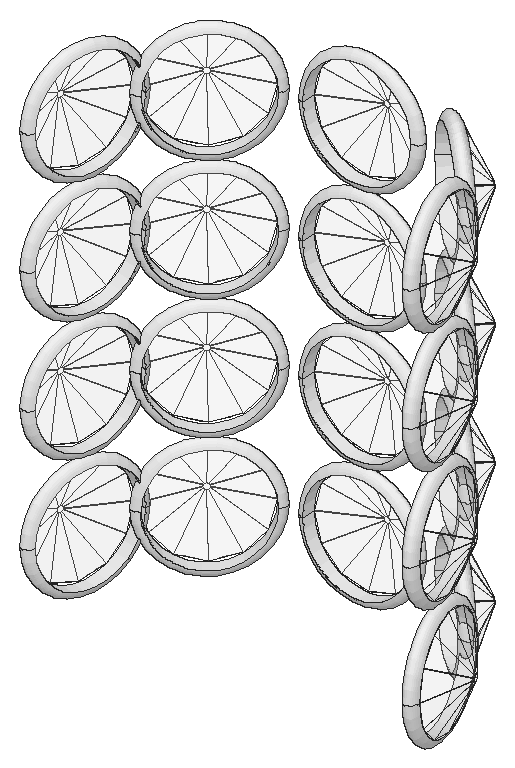
Revit family
Parameters (values of type "100W - 277V")
  Тип линзы = Елемент STILLUX : Серебро
  Wattage = 100 W
  built-in parameter 1150110 = 1 (stored number, unit not read)
  built-in parameter 1114217 = 1 (stored number, unit not read)
  built-in parameter 1150109 = 1 (stored number, unit not read)
  built-in parameter 1150134 = 4
  built-in parameter 1150113 = 1 (stored number, unit not read)
  built-in parameter 1150115 = 1 (stored number, unit not read)
  built-in parameter 1150105 = 381.97 (stored number, unit not read)
  Классификация нагрузок = Освещение - Квартира
  Light Source Symbol Size = 609.6 mm
  built-in parameter 1150137 = 1
  built-in parameter 1150139 = (empty or 0)
  built-in parameter 1150112 = 1 (stored number, unit not read)
  built-in parameter 1150114 = 1 (stored number, unit not read)
  built-in parameter 1150132 = (empty or 0)
  built-in parameter 1150102 = (empty or 0)
  built-in parameter 1150138 = (empty or 0)
  built-in parameter 1150107 = 2800 (stored number, unit not read)
  built-in parameter 1150106 = 3.8197 (stored number, unit not read)
  built-in parameter 1150104 = 1.1148 (stored number, unit not read)
  Dimming Lamp Color Temperature Shift = (empty or 0)
  Color Filter = 16777215
  built-in parameter 1140040 [instance] = 1
  Напряжение балласта = 277 V
  Число полюсов балласта = 1
  built-in parameter 1114218 = 1 (stored number, unit not read)
  built-in parameter 1150133 = 10 (stored number, unit not read)
  Assembly Code = "D5020220"
  Lamp = "R-30"
  Lumens = 1200 lm
  Высота монтажа = 1900 mm
  Материал абажура = Стекло - Матовое
  Wattage Comments = ""
  Apparent Load = 100 VA
Reference planes
  plane 1: y = 0
  plane 2 "Ось источника света ": x = 0
  plane 3: z = 2050
  plane 4: z = 1750
  plane 5 "Отметка источника света ": z = 1900
  plane 6 "Ось источника света ": y = 139.7
Forms (mm)
  Extrusion 1, void
    sketch origin (0, 0, 0) x (1, 0, 0) y (0, 1, 0)
      loop
        line (119.404, 76.2) -> (104.489, 136.023) -> (50.094, 185) -> (-50.094, 185) -> (-104.489, 136.023) -> (-119.404, 76.2) -> (119.404, 76.2)
    from 1750 to 2050
Lines and regions (mm)
  Masking region 1
    outline origin (0, 0, 0) x (1, 0, 0) y (0, 1, 0)
      loop
        line (-140, 76.2) -> (140, 76.2)
        arc (140, 76.2) -> (0, 216.2) -> (-140, 76.2) r 140
  Masking region 2
    outline origin (0, 0, 0) x (1, 0, 0) y (0, 1, 0)
      loop
        arc (140, 76.2) -> (0, 216.2) -> (-140, 76.2) r 140
        line (-140, 76.2) -> (140, 76.2)
  model lines, style "InvisibleLines"
    curve 1: line (0, 76.2, 1750) -> (0, 76.2, 0)
  symbolic lines
    curve 2: line (0, 76.2, 0) -> (98.995, 175.195, 0)
    curve 3: line (0, 76.2, 0) -> (-98.995, 175.195, 0)
Text (mm)
  text "Спереди" at (0, 1019.848, 3124.603), in view "Справа"
  text "Спереди" at (-641.454, 723.012, 0), in view "Линия этажа"
  text "Спереди" at (0, 977.893, 2611.958), in view "Слева"
Dimensions and locks
  plane 4 to plane 3 = 300 mm
  host wall to plane 6 "Ось источника света " = 63.5 mm
  plane 5 "Отметка источника света " to plane 3 = 150 mm
  "Высота монтажа": level to plane 5 "Отметка источника света "
  locked: host wall to plane 6 "Ось источника света " at 63.5
  aligned and locked: imposter light to plane 2 "Ось источника света "
  aligned and locked: imposter light to plane 5 "Отметка источника света "
  aligned and locked: plane 6 "Ось источника света " to imposter light
  aligned and locked: Extrusion 1 to plane 3
  aligned and locked: plane 4 to Extrusion 1
  aligned and locked: Extrusion 1 to plane 4
  aligned and locked: plane 3 to Extrusion 1
  aligned and locked: Extrusion 1 to nested 16
Automatic sketch dimensions
  Extrusion 1 sketch curve to plane 2 "Ось источника света " = 50.094 mm
  plane 6 "Ось источника света " to Extrusion 1 sketch curve = 3.677 mm  (x2)
  Extrusion 1 sketch curve to Extrusion 1 sketch curve = 54.395 mm  (x2)
  Extrusion 1 sketch curve to Extrusion 1 sketch curve = 14.915 mm  (x2)
  plane 2 "Ось источника света " to Extrusion 1 sketch curve = 50.094 mm
  Extrusion 1 sketch curve to host wall = 0 mm
  Extrusion 1 sketch curve to plane 6 "Ось источника света " = 45.3 mm
  Masking region 2 sketch curve to host wall = 0 mm
  Masking region 2 sketch curve to plane 2 "Ось источника света " = 0 mm
  Masking region 2 sketch curve to Masking region 2 sketch curve = 140 mm
  Masking region 1 sketch curve to host wall = 0 mm
  Masking region 1 sketch curve to plane 2 "Ось источника света " = 0 mm
  Masking region 1 sketch curve to Masking region 1 sketch curve = 140 mm
  curve 1 to plane 2 "Ось источника света " = 0 mm
  curve 1 to plane 4 = 0 mm
  curve 1 to level = 0 mm
  curve 3 to host wall = 0 mm
  curve 3 to plane 2 "Ось источника света " = 0 mm
  curve 3 to plane 6 "Ось источника света " = 35.495 mm
  curve 3 to plane 2 "Ось источника света " = 98.995 mm
  curve 2 to plane 6 "Ось источника света " = 35.495 mm
Nested families
  nested 1: "Елемент STILLUX" at (0, 185, 1810) x (1, 0, 0) z (0, 1, 0), type <- "Тип линзы", type "Серебро"
    with Стекло 504. Steklo beloe
  nested 2: "Елемент STILLUX" at (76.902, 160.862, 1810) x (0.7431, -0.6691, 0) z (0.6691, 0.7431, 0), type <- "Тип линзы", type "Серебро"
    with Стекло 504. Steklo beloe
  nested 3: "Елемент STILLUX" at (-75.919, 161.748, 1810) x (0.7431, 0.6691, 0) z (-0.6691, 0.7431, 0), type <- "Тип линзы", type "Серебро"
    with Стекло 504. Steklo beloe
  nested 4: "Елемент STILLUX" at (-111.036, 109.765, 1810) x (0.2419, 0.9703, 0) z (-0.9703, 0.2419, 0), type <- "Тип линзы", type "Серебро"
    with Стекло 504. Steklo beloe
  nested 5: "Елемент STILLUX" at (112.26, 104.855, 1810) x (0.2419, -0.9703, 0) z (0.9703, 0.2419, 0), type <- "Тип линзы", type "Серебро"
    with Стекло 504. Steklo beloe
  nested 6: "Елемент STILLUX" at (0, 185, 1890) x (1, 0, 0) z (0, 1, 0), type <- "Тип линзы", type "Серебро"
    with Стекло 504. Steklo beloe
  nested 7: "Елемент STILLUX" at (76.902, 160.862, 1890) x (0.7431, -0.6691, 0) z (0.6691, 0.7431, 0), type <- "Тип линзы", type "Серебро"
    with Стекло 504. Steklo beloe
  nested 8: "Елемент STILLUX" at (-75.919, 161.748, 1890) x (0.7431, 0.6691, 0) z (-0.6691, 0.7431, 0), type <- "Тип линзы", type "Серебро"
    with Стекло 504. Steklo beloe
  nested 9: "Елемент STILLUX" at (-111.036, 109.765, 1890) x (0.2419, 0.9703, 0) z (-0.9703, 0.2419, 0), type <- "Тип линзы", type "Серебро"
    with Стекло 504. Steklo beloe
  nested 10: "Елемент STILLUX" at (112.26, 104.855, 1890) x (0.2419, -0.9703, 0) z (0.9703, 0.2419, 0), type <- "Тип линзы", type "Серебро"
    with Стекло 504. Steklo beloe
  nested 11: "Елемент STILLUX" at (0, 185, 1970) x (1, 0, 0) z (0, 1, 0), type <- "Тип линзы", type "Серебро"
    with Стекло 504. Steklo beloe
  nested 12: "Елемент STILLUX" at (76.902, 160.862, 1970) x (0.7431, -0.6691, 0) z (0.6691, 0.7431, 0), type <- "Тип линзы", type "Серебро"
    with Стекло 504. Steklo beloe
  nested 13: "Елемент STILLUX" at (-75.919, 161.748, 1970) x (0.7431, 0.6691, 0) z (-0.6691, 0.7431, 0), type <- "Тип линзы", type "Серебро"
    with Стекло 504. Steklo beloe
  nested 14: "Елемент STILLUX" at (-111.036, 109.765, 1970) x (0.2419, 0.9703, 0) z (-0.9703, 0.2419, 0), type <- "Тип линзы", type "Серебро"
    with Стекло 504. Steklo beloe
  nested 15: "Елемент STILLUX" at (112.26, 104.855, 1970) x (0.2419, -0.9703, 0) z (0.9703, 0.2419, 0), type <- "Тип линзы", type "Серебро"
    with Стекло 504. Steklo beloe
  nested 16: "Елемент STILLUX" at (0, 185, 2050) x (1, 0, 0) z (0, 1, 0), type <- "Тип линзы", type "Серебро"
    with Стекло 504. Steklo beloe
  nested 17: "Елемент STILLUX" at (76.902, 160.862, 2050) x (0.7431, -0.6691, 0) z (0.6691, 0.7431, 0), type <- "Тип линзы", type "Серебро"
    with Стекло 504. Steklo beloe
  nested 18: "Елемент STILLUX" at (-75.919, 161.748, 2050) x (0.7431, 0.6691, 0) z (-0.6691, 0.7431, 0), type <- "Тип линзы", type "Серебро"
    with Стекло 504. Steklo beloe
  nested 19: "Елемент STILLUX" at (-111.036, 109.765, 2050) x (0.2419, 0.9703, 0) z (-0.9703, 0.2419, 0), type <- "Тип линзы", type "Серебро"
    with Стекло 504. Steklo beloe
  nested 20: "Елемент STILLUX" at (112.26, 104.855, 2050) x (0.2419, -0.9703, 0) z (0.9703, 0.2419, 0), type <- "Тип линзы", type "Серебро"
    with Стекло 504. Steklo beloe
  nested 21: "Елемент STILLUX" at (0, 185, 1450) x (1, 0, 0) z (0, 1, 0), type <- "Тип линзы", type "Серебро", not visible
    with Стекло 504. Steklo beloe
  nested 22: "Елемент STILLUX" at (76.902, 160.862, 1450) x (0.7431, -0.6691, 0) z (0.6691, 0.7431, 0), type <- "Тип линзы", type "Серебро", not visible
    with Стекло 504. Steklo beloe
  nested 23: "Елемент STILLUX" at (-75.919, 161.748, 1450) x (0.7431, 0.6691, 0) z (-0.6691, 0.7431, 0), type <- "Тип линзы", type "Серебро", not visible
    with Стекло 504. Steklo beloe
  nested 24: "Елемент STILLUX" at (-111.036, 109.765, 1450) x (0.2419, 0.9703, 0) z (-0.9703, 0.2419, 0), type <- "Тип линзы", type "Серебро", not visible
    with Стекло 504. Steklo beloe
  nested 25: "Елемент STILLUX" at (112.26, 104.855, 1450) x (0.2419, -0.9703, 0) z (0.9703, 0.2419, 0), type <- "Тип линзы", type "Серебро", not visible
    with Стекло 504. Steklo beloe
  nested 26: "Елемент STILLUX" at (0, 185, 1530) x (1, 0, 0) z (0, 1, 0), type <- "Тип линзы", type "Серебро", not visible
    with Стекло 504. Steklo beloe
  nested 27: "Елемент STILLUX" at (76.902, 160.862, 1530) x (0.7431, -0.6691, 0) z (0.6691, 0.7431, 0), type <- "Тип линзы", type "Серебро", not visible
    with Стекло 504. Steklo beloe
  nested 28: "Елемент STILLUX" at (-75.919, 161.748, 1530) x (0.7431, 0.6691, 0) z (-0.6691, 0.7431, 0), type <- "Тип линзы", type "Серебро", not visible
    with Стекло 504. Steklo beloe
  nested 29: "Елемент STILLUX" at (-111.036, 109.765, 1530) x (0.2419, 0.9703, 0) z (-0.9703, 0.2419, 0), type <- "Тип линзы", type "Серебро", not visible
    with Стекло 504. Steklo beloe
  nested 30: "Елемент STILLUX" at (112.26, 104.855, 1530) x (0.2419, -0.9703, 0) z (0.9703, 0.2419, 0), type <- "Тип линзы", type "Серебро", not visible
    with Стекло 504. Steklo beloe
  nested 31: "Елемент STILLUX" at (0, 185, 1610) x (1, 0, 0) z (0, 1, 0), type <- "Тип линзы", type "Серебро", not visible
    with Стекло 504. Steklo beloe
  nested 32: "Елемент STILLUX" at (76.902, 160.862, 1610) x (0.7431, -0.6691, 0) z (0.6691, 0.7431, 0), type <- "Тип линзы", type "Серебро", not visible
    with Стекло 504. Steklo beloe
  nested 33: "Елемент STILLUX" at (-75.919, 161.748, 1610) x (0.7431, 0.6691, 0) z (-0.6691, 0.7431, 0), type <- "Тип линзы", type "Серебро", not visible
    with Стекло 504. Steklo beloe
  nested 34: "Елемент STILLUX" at (-111.036, 109.765, 1610) x (0.2419, 0.9703, 0) z (-0.9703, 0.2419, 0), type <- "Тип линзы", type "Серебро", not visible
    with Стекло 504. Steklo beloe
  nested 35: "Елемент STILLUX" at (112.26, 104.855, 1610) x (0.2419, -0.9703, 0) z (0.9703, 0.2419, 0), type <- "Тип линзы", type "Серебро", not visible
    with Стекло 504. Steklo beloe
  nested 36: "Елемент STILLUX" at (0, 185, 1690) x (1, 0, 0) z (0, 1, 0), type <- "Тип линзы", type "Серебро", not visible
    with Стекло 504. Steklo beloe
  nested 37: "Елемент STILLUX" at (76.902, 160.862, 1690) x (0.7431, -0.6691, 0) z (0.6691, 0.7431, 0), type <- "Тип линзы", type "Серебро", not visible
    with Стекло 504. Steklo beloe
  nested 38: "Елемент STILLUX" at (-75.919, 161.748, 1690) x (0.7431, 0.6691, 0) z (-0.6691, 0.7431, 0), type <- "Тип линзы", type "Серебро", not visible
    with Стекло 504. Steklo beloe
  nested 39: "Елемент STILLUX" at (-111.036, 109.765, 1690) x (0.2419, 0.9703, 0) z (-0.9703, 0.2419, 0), type <- "Тип линзы", type "Серебро", not visible
    with Стекло 504. Steklo beloe
  nested 40: "Елемент STILLUX" at (112.26, 104.855, 1690) x (0.2419, -0.9703, 0) z (0.9703, 0.2419, 0), type <- "Тип линзы", type "Серебро", not visible
    with Стекло 504. Steklo beloe
Definition of nested family "Елемент STILLUX"
  Parameters (values of type "Красный")
    Стекло [instance] = 504. Steklo red
    Default Elevation = 1219.2 mm
    Ободок = 503. Metall serebro
  Types (4, lengths in mm): name | Стекло | Ободок
    (no name) | 504. Steklo red | 503. Metall serebro
    Золото | 504. Steklo yellou | 503. Metall zoloto
    Серебро | 503. Metall serebro | 503. Metall serebro
    Красный | 504. Steklo red | 503. Metall serebro
  Reference planes
    plane 1 "По центру (Вперед/Назад)": y = 0
    plane 2: z = 0
    plane 3 "По центру (Влево/Вправо)": x = 0
  Forms (mm)
    Extrusion 1, solid
      sketch origin (0, 0, 0) x (1, 0, 0) y (0, 1, 0)
        loop
          line (-1219.2, 1219.2) -> (-1219.2, -1219.2) -> (1219.2, -1219.2) -> (1219.2, 1219.2) -> (-1219.2, 1219.2)
      from 0 to -304.8
    Revolve 2, solid, material "503. Metall serebro" <- "Ободок"
      sketch origin (0, 0, 0) x (1, 0, 0) y (0, 0, 1)
        loop
          line (-35, 0.363) -> (-35, 9.637)
          spline (-35, 9.637) -> (-36.404, 9.179) -> (-37.637, 8.558) -> (-38.649, 7.797) -> (-39.402, 6.928) -> (-39.865, 5.983) -> (-40.022, 5) -> (-39.865, 4.017) -> (-39.402, 3.072) -> (-38.649, 2.203) -> (-37.637, 1.442) -> (-36.404, 0.821) -> (-35, 0.363)
        axis (0, 9.637) -> (0, 0.363)
      angle from 0 to 360
    SweptBlend 3, solid, material "504. Steklo red" <- "Стекло"
      path origin (0, 0, 0) x (1, 0, 0) y (0, 0, 1)
        loop
          line (0, 10) -> (0, 25)
      profile origin (0, 0, 10) x (-1, 0, 0) y (0, -1, 0)
        loop
          line (35, 0) -> (30.311, 17.5) -> (17.5, 30.311) -> (0, 35) -> (-17.5, 30.311) -> (-30.311, 17.5) -> (-35, 0) -> (-30.311, -17.5) -> (-17.5, -30.311) -> (0, -35) -> (17.5, -30.311) -> (30.311, -17.5) -> (35, 0)
      end profile origin (0, 0, 25) x (-1, 0, 0) y (0, -1, 0)
        loop
          line (0, -2) -> (1, -1.732) -> (1.732, -1) -> (2, 0) -> (1.732, 1) -> (1, 1.732) -> (0, 2) -> (-1, 1.732) -> (-1.732, 1) -> (-2, 0) -> (-1.732, -1) -> (-1, -1.732) -> (0, -2)
  Dimensions and locks
    aligned and locked: plane 2 to Extrusion 1
    aligned and locked: level to Extrusion 1
